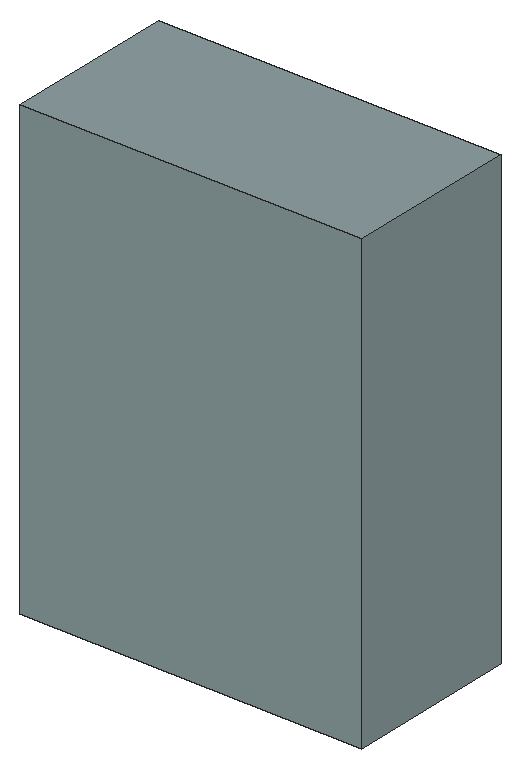
Revit family "242993 Sprinklerkontrollboks Apollo", category Electrical Equipment, Revit 2016
Family settings
  Part Type = Other Panel
  Round Connector Dimension = Use Diameter
  OmniClass Number = 23.85.30.21.11
  OmniClass Title = Fire Detection, Monitoring and Alarm
  Work Plane-Based = No
  Always vertical = Yes
  Cut with Voids When Loaded = No
  Shared = No
  Room Calculation Point = No
Parameters (values of type "Sprinklerkontrollboks")
  Type Comments = "-OS"
  NVTypeTekstSynlig = yes
  NVType = "SB"
  NVMonteringTekstSynlig [instance] = no
  NVMontering [instance] = "VEGG"
  NS8360 = "5422_XN5"
  Material = Plastic - Grey
  Manufacturer = "Honeywell"
  Length = 150 mm
  Keynote = "XN5"
  Height = 200 mm
  Depth = 76 mm
  CQ Symbol Positive Direction [instance] = yes
  CQ Symbol Offset Side [instance] = 0 mm
  CQ Symbol Offset Out [instance] = 0 mm
  Assembly Code = "5422"
Reference planes
  plane 1 "Center (Front/Back)": y = 0
  plane 2: z = 0
  plane 3 "Center (Left/Right)": x = 0
  plane 4: x = 75
  plane 5: y = 76
  plane 6: x = -75
  plane 7: z = 100
  plane 8: z = -100
Forms (mm)
  Extrusion 1, solid, material "Plastic - Grey" <- "Material"
    sketch origin (0, 0, 0) x (1, 0, 0) y (0, 0, 1)
      loop
        line (-75, 100) -> (-75, -100) -> (75, -100) -> (75, 100) -> (-75, 100)
    from 0 to -76
Dimensions and locks
  "Depth": plane 1 "Center (Front/Back)" to plane 5
  equal spacing: plane 4, plane 3 "Center (Left/Right)", plane 6
  "Length": plane 4 to plane 6
  "Height": plane 7 to plane 8
  equal spacing: plane 7, level, plane 8
  aligned and locked: level to plane 2
  aligned and locked: Extrusion 1 sketch curve to plane 7
  aligned and locked: plane 6 to Extrusion 1 sketch curve
  aligned and locked: Extrusion 1 sketch curve to plane 4
  aligned and locked: Extrusion 1 to plane 8
  aligned and locked: plane 1 "Center (Front/Back)" to nested 1
  aligned and locked: plane 3 "Center (Left/Right)" to nested 1
Automatic sketch dimensions
  Extrusion 1 sketch curve to level = 100 mm
Nested families
  nested 1: "Sprinklerkontroll Symbol" at (0, 0, 0), type "Type 1"
Connectors
  electrical at (0, 38, 100)
    settings: on Extrusion 1, index 1, voltage 0 V, apparent load 0 VA, apparent load phase1 0 VA, apparent load phase2 0 VA, apparent load phase3 0 VA, power factor 1, load classification "Other", number of poles 1, system type 11, power factor state 1, is connector primary yes, connector utility no, sub classification motor no, connector description ""
Definition of nested family "Sprinklerkontroll Symbol"
  Parameters (values of type "Type 1")
    Type tekst synlig = yes
    Type = "LD"
    Montering tekst synlig = no
    Montering = "HIM"
    CQ Symbol Positive Direction = yes
    CQ Symbol Negative Direction = not(CQ Symbol Positive Direction)  # no
    CQ Symbol Offset Side = 0 mm
    CQ Symbol Offset Out = 0 mm
  Reference planes
    plane 1: y = 0
    plane 2: x = 0
  Dimensions and locks
    "CQ Symbol Offset Side": nested 2 to plane 2
    "CQ Symbol Offset Side": plane 2 to nested 1
    "CQ Symbol Offset Out": plane 1 to nested 1
    "CQ Symbol Offset Out": plane 1 to nested 2
  Nested families
    nested 1: "Linjedetektor Sub" at (0, 0, 0), visible <- "CQ Symbol Positive Direction", type "Type1"
    nested 2: "Linjedetektor Sub" at (0, 0, 0), visible <- "CQ Symbol Negative Direction", type "Type1"
  Definition of nested family "Linjedetektor Sub"
    Parameters (values of type "Type1")
      Type tekst synlig = yes
      Type = "LD"
      Montering tekst synlig = no
      Montering = "HIM"
    Reference planes
      plane 1: y = 0
      plane 2: x = 0
    Lines and regions (mm)
      detail lines
        curve 1: line (-2.5, 2, 0) -> (2.5, 2, 0)
        curve 2: line (2.5, 2, 0) -> (2.5, 7, 0)
        curve 3: line (2.5, 7, 0) -> (-2.5, 7, 0)
        curve 4: line (-2.5, 7, 0) -> (-2.5, 2, 0)
        curve 5: circle (-1.25, 3, 0) r 0.25 normal (0, 0, 1)
        curve 6: line (-1.25, 3.75, 0) -> (-1, 6, 0)
        curve 7: arc (-1, 6, 0) -> (-1.25, 6.25, 0) -> (-1.5, 6, 0) r 0.25
        curve 8: line (-1.5, 6, 0) -> (-1.25, 3.75, 0)
        curve 9: line (-1.25, 5, 0) -> (-1.25, 6, 0)
        curve 13: line (1.916, 3, 0) -> (0.548, 3, 0)
        curve 14: line (1.948, 5.8, 0) -> (0.489, 5.8, 0)
        curve 15: line (1.948, 5.8, 0) -> (0.548, 3, 0)
        curve 16: line (0.489, 5.8, 0) -> (1.916, 3, 0)
        curve 17: line (1.226, 4.355, 0) -> (-0.142, 4.355, 0)
      detail lines, visible <- "Type tekst synlig"
        curve 10: line (-2.5, 0, 0) -> (2.5, 0, 0)
        curve 11: line (-2.5, 0, 0) -> (-2.5, 2, 0)
        curve 12: line (2.5, 0, 0) -> (2.5, 2, 0)
    Nested families
      nested 1: "txt 1_50" at (3.379, 6.924, 0), visible <- "Montering tekst synlig", Type Name <- "Montering", type "txt"
      nested 2: "txt 1_50" at (-1.901, 0.863, 0), visible <- "Type tekst synlig", Type Name <- "Type", type "txt"
        with Type Name "LD"
    Definition of nested family "txt 1_50"
      Parameters (values of type "txt")
        Type Name [instance] = "HIM"
      Reference planes
        plane 1: y = 0
        plane 2: x = 0
      Text (mm)
        label "TXT" at (1.952, 0, 0), shows "Type Name"
